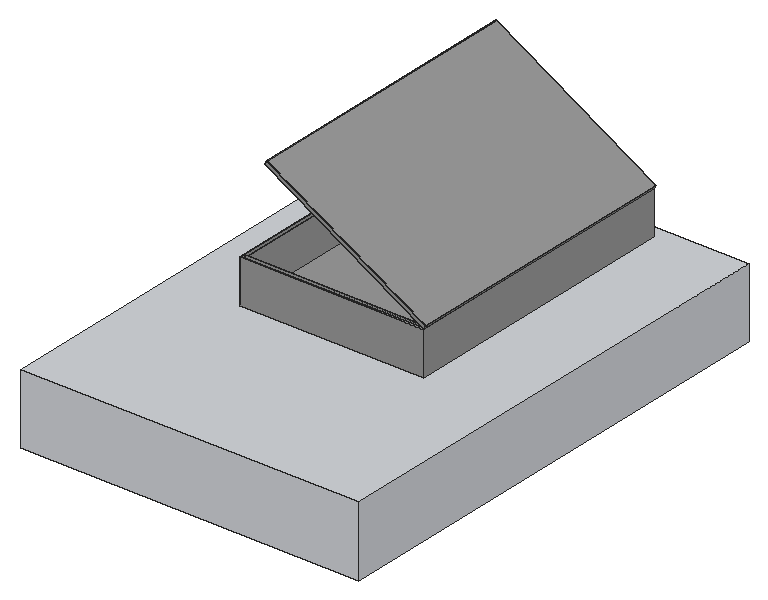
Revit family "Hager-Univers-IP44-D205-H1250-Cl.II-Encl-ES-es", category Equipement électrique, Revit 2020
Family settings
  Hôte = Face
  Configuration du panneau = Deux colonnes, circuits au sein
  Cote de connecteur circulaire = Utiliser le diamètre
  Type d'élément = Tableau de raccordement
  Couper avec des vides une fois chargée = Non
  Partagée = Non
  Point de calcul de pièce = Non
Parameters (values of type "Montado superficial (escayola) IP44 A800 A1250 P205  - FP83SN2")
  Width Control [instance] = if([EF000008 - Anchura] > Min Width, [EF000008 - Anchura], Min Width)  # 800 mm
  Commentaires du type = [HG000003 - Gama]  # "Univers"
  Thickness Door [instance] = if([EF009171 - Espesor puerta/tapa] > 3 mm, 3 mm, [EF009171 - Espesor puerta/tapa])  # 1 mm
  Seal Frame Offset [instance] = 17 mm  # constant formula
  Plinth Visibility [instance] = [HG000027 - Altura de zócalo] > 0 mm  # no
  Model = ""
  Min Width [instance] = 100 mm  # constant formula
  Min Height [instance] = 100 mm  # constant formula
  Min Depth [instance] = (2 * [EF009170 - Espesor del material de la caja]) + 1 mm  # 3 mm
  Internal Frame Depth [instance] = (Door System Depth * 0.5)  # 9 mm
  Height Control [instance] = if([EF000040 - Altura] > Min Height, [EF000040 - Altura], Min Height)  # 1250 mm
  HG000027 - Altura de zócalo = 0 mm
  HG000026 - Instalación en suelo = no
  HG000024 - Altura de la sección inferior = 800 mm
  HG000023 - Caja de doble sección = no
  HG000016 - Visibilidad de la puerta 3D [instance] = yes
  HG000015 - Visibilidad a través de la puerta [instance] = no
  HG000014 - Puerta a la derecha [instance] = yes
  HG000013 - Puerta a la izquierda [instance] = not([HG000014 - Puerta a la derecha])  # no
  HG000012 - Ángulo de giro de la puerta [instance] = 30.00°
  HG000010 - Puertas asimétricas = no
  HG000009 - Puerta batiente doble = no
  HG000006 - Empotrado = no
  HG000004 - Referencia del fabricante = "FP83SN2"
  HG000003 - Gama = "Univers"
  HG000002 - Con puerta o tapa = yes
  Frame Offset Bottom [instance] = 10 mm  # constant formula
  Frame Offset [instance] = 15 mm  # constant formula
  EF015940 - Tapa con alivio de sobrepresión = no
  EF011959 - Grado de protección (NEMA) = ""
  EF009554 - Número de aberturas para placas-brida = 6
  Fabricant = "Hager"  # constant formula
  EF009212 - Versión de la cubierta = "EV000116 - Cerrado"
  EF009171 - Espesor puerta/tapa = 1 mm
  EF009170 - Espesor del material de la caja = 1 mm
  EF008873 - Corriente nominal (In) = 250 A
  EF007800 - Adecuado para la protección contra rayos = no
  EF006306 - Con cierre = no
  EF006244 - Tapa/puerta transparente = no
  EF005474 - Grado de protección (IP) = "EV006418 - IP44"
  EF004464 - Tipo de puerta = "EV002646 - Único"
  EF004427 - Número de módulos = 288
  EF004293 - Resistencia al impacto (IK) = "EV006815 - IK09"
  EF003532 - Adecuado para uso en exteriores = no
  EF002950 - Anchura de unidades de división = 36
  EF001613 - Integridad del circuito = "EV000494 - Ninguno"
  EF001596 - Material de la carcasa = "EV000179 - Acero"
  EF001131 - Profundidad interna = 130 mm
  EF001088 - Posibilidad de extensión = yes
  EF000437 - Número de entradas de conductos de cables = 6
  EF000339 - Tipo de cubierta = "EV004216 - Puerta"
  EF000266 - Número de filas = 8
  EF000218 - Profundidad de instalación = 205 mm
  EF000118 - Con placa de montaje = no
  EF000116 - Número RAL = "9010"
  EF000049 - Profundidad = 205 mm
  EF000040 - Altura = 1250 mm
  EF000008 - Anchura = 800 mm
  EF000007 - Color = "EV000202 - Blanco"
  EF000003 - Tipo de montaje = "EV000384 - Montado superficial (escayola)"
  Door System Leaf Tolerance [instance] = 1.5 mm  # constant formula
  Door System Depth [instance] = 18 mm  # constant formula
  Door Height [instance] = Height Control - [HG000027 - Altura de zócalo]  # 1250 mm
  Depth Control [instance] = if([EF000049 - Profundidad] > Min Depth, [EF000049 - Profundidad], Min Depth)  # 205 mm
  Default Elevation = 0 mm
  Connector Offset [instance] = Height Control / 2  # 625 mm
  Bottom Top Plate Trim [instance] = 1.5 mm  # constant formula
  Plinth height Ctrl [instance] = if([HG000027 - Altura de zócalo] > 0 mm, [HG000027 - Altura de zócalo], 12 mm)  # 12 mm
Types (5, lengths in mm): name | Width Control | HG000010 - Puertas asimétricas | HG000009 - Puerta batiente doble | HG000004 - Referencia del fabricante | EF009554 - Número de aberturas para placas-brida | EF004464 - Tipo de puerta | EF004427 - Número de módulos | EF002950 - Anchura de unidades de división | EF001131 - Profundidad interna | EF000437 - Número de entradas de conductos de cables | EF000339 - Tipo de cubierta | EF000008 - Anchura
  Montado superficial (escayola) IP44 A1050 A1250 P205  - FP84SN2 | 1050 | no | yes | "FP84SN2" | 8 | "EV003602 - Doble" | 384 | 48 | 130 | 8 | "EV004216 - Puerta" | 1050
  Montado superficial (escayola) IP44 A1300 A1250 P205  - FP85SN2 | 1300 | yes | yes | "FP85SN2" | 10 | "EV003602 - Doble" | 480 | 60 | 130 | 10 | "EV004216 - Puerta" | 1300
  Montado superficial (escayola) IP44 A300 A1250 P205  - FP81SN2 | 300 | no | no | "FP81SN2" | 2 | "EV002646 - Único" | 96 | 12 | 143 | 2 | "EV001012 - Cubrir" | 300
  Montado superficial (escayola) IP44 A550 A1250 P205  - FP82SN2 | 550 | no | no | "FP82SN2" | 4 | "EV002646 - Único" | 192 | 24 | 143 | 4 | "EV001012 - Cubrir" | 550
  Montado superficial (escayola) IP44 A800 A1250 P205  - FP83SN2 | 800 | no | no | "FP83SN2" | 6 | "EV002646 - Único" | 288 | 36 | 130 | 6 | "EV004216 - Puerta" | 800
Reference planes
  plane 1 "Center (Front/Back)": y = 0
  plane 2: z = 0
  plane 3 "Center (Left/Right)": x = 0
  plane 4: z = 205
  plane 5: y = 1
  plane 6: y = 625
  plane 7: y = 0
  plane 8: y = 1250
  plane 9: z = 0
  plane 10: x = -385
  plane 11: x = 385
  plane 12: x = 384
  plane 13: x = -384
  plane 14: y = 1249
  plane 15: x = -383
  plane 16: x = -400
  plane 17: x = 383
  plane 18: x = 400
  plane 19: x = 399
  plane 20: x = -399
  plane 21: y = 11
  plane 22: y = 1250
  plane 23: y = 1234
  plane 24: z = 187
  plane 25: z = 1
  plane 26: z = 186
  plane 27: z = 204
Forms (mm)
  Extrusion 1, solid
    sketch origin (0, 0, 0) x (1, 0, 0) y (0, 1, 0)
      loop
        line (-702.964, 1305) -> (-702.964, -811.445) -> (766.763, -811.445) -> (766.763, 1305) -> (-702.964, 1305)
    from 0 to -304.8
  Extrusion 2, solid, material "Hager_Steel_RAL7035_Light_Grey", visible <- "Plinth Visibility", detail levels medium+fine
    sketch origin (0, 0, 0) x (1, 0, 0) y (0, 1, 0)
      loop
        line (-400, 0) -> (400, 0) -> (400, 12) -> (-400, 12) -> (-400, 0)
    from 0 to 187
  Extrusion 3, solid, material "Hager_Steel_RAL7035_Light_Grey", detail levels medium+fine
    sketch origin (0, 0, 0) x (1, 0, 0) y (0, 1, 0)
      loop
        line (-400, 0) -> (400, 0) -> (400, 1250) -> (-400, 1250) -> (-400, 0)
    from 0 to 187
  Extrusion 4, void
    sketch origin (0, 0, 0) x (1, 0, 0) y (0, 1, 0)
      loop
        line (-399, 1) -> (399, 1) -> (399, 1249) -> (-399, 1249) -> (-399, 1)
    from 1 to 186
  Extrusion 5, void
    sketch origin (-381.607, -4572, 187) x (0, -1, 0) y (-1, 0, 0)
      loop
        line (-4583, 2.393) -> (-5806, 2.393) -> (-5806, -765.607) -> (-4583, -765.607) -> (-4583, 2.393)
    from 0 to 1 <- "EF009170 - Espesor del material de la caja"
  Extrusion 6, solid, material "Hager_Steel_RAL7035_Light_Grey", detail levels fine
    sketch origin (0, 0, 187) x (1, 0, 0) y (0, 1, 0)
      loop
        line (-384, 1234) -> (-384, 11) -> (384, 11) -> (384, 1234) -> (-384, 1234)
      loop
        line (-385, 10) -> (385, 10) -> (385, 1235) -> (-385, 1235) -> (-385, 10)
    from 0 to 9 <- "Internal Frame Depth"
  Extrusion 7, solid, material "Hager_Steel_RAL7035_Light_Grey", detail levels coarse
    sketch origin (0, 0, 0) x (1, 0, 0) y (0, 1, 0)
      loop
        line (-400, 0) -> (400, 0) -> (400, 1250) -> (-400, 1250) -> (-400, 0)
    from 0 to 205
  Sweep 8, void
    path in 3D
      loop
        line (-400, 12, 0) -> (400, 12, 0) -> (400, 12, 187) -> (-400, 12, 187) -> (-400, 12, 0)
    profile origin (-400, 12, 93.5) x (-1, 0, 0) y (0, -1, 0)
      loop
        line (0, 0) -> (0, 1.5) -> (-1.5, 1.5)
        arc (-1.5, 1.5) -> (-1.061, 0.439) -> (0, 0) r 1.5
Cuts and joins
  Extrusion 4, Extrusion 5 cuts Extrusion 3
  Sweep 8 cuts Extrusion 2
Lines and regions (mm)
  Masking region 1
    outline origin (0, 0, 0) x (1, 0, 0) y (0, 0, 1)
      loop
        line (-400, 205) -> (-400, 0) -> (400, 0) -> (400, 205) -> (-400, 205)
  Masking region 2, detail levels medium+fine
    outline origin (0, 140, 0) x (0, 1, 0) y (0, 0, 1)
      loop
        line (-140, 0) -> (1110, 0) -> (1110, 187) -> (-140, 187) -> (-140, 0)
  Masking region 3, not visible, detail levels medium+fine
    outline origin (0, 297.922, 0) x (0, 1, 0) y (0, 0, 1)
      loop
        line (338.578, 0) -> (378.578, 0) -> (378.578, 194)
        arc (378.578, 194) -> (375.649, 201.071) -> (368.578, 204) r 10
        line (368.578, 204) -> (338.578, 204) -> (338.578, 0)
  Masking region 4, detail levels coarse
    outline origin (0, 0, 180) x (0, 1, 0) y (0, 0, 1)
      loop
        line (0, -180) -> (1250, -180) -> (1250, 25) -> (0, 25) -> (0, -180)
  Masking region 5, visible <- "Plinth Visibility", detail levels medium+fine
    outline origin (0, 52.24, 12.345) x (0, 0, -1) y (0, 1, 0)
      loop
        line (10.845, -40.24) -> (-173.155, -40.24)
        arc (-173.155, -40.24) -> (-173.594, -41.301) -> (-174.655, -41.74) r 1.5
        line (-174.655, -41.74) -> (-174.655, -52.24) -> (12.345, -52.24) -> (12.345, -41.74)
        arc (12.345, -41.74) -> (11.285, -41.301) -> (10.845, -40.24) r 1.5
  Masking region 6, detail levels medium+fine
    outline origin (-381.607, -4572, 187) x (-1, 0, 0) y (0, -1, 0)
      loop
        line (18.393, -5822) -> (18.393, -4572) -> (-781.607, -4572) -> (-781.607, -5822) -> (18.393, -5822)
  Masking region 7, visible <- "Plinth Visibility", detail levels medium+fine
    outline origin (-381.607, -4727, 187) x (-1, 0, 0) y (0, -1, 0)
      loop
        arc (16.893, -4739) -> (17.332, -4737.939) -> (18.393, -4737.5) r 1.5
        line (18.393, -4737.5) -> (18.393, -4727) -> (-781.607, -4727) -> (-781.607, -4737.5)
        arc (-781.607, -4737.5) -> (-780.546, -4737.939) -> (-780.107, -4739) r 1.5
        line (-780.107, -4739) -> (16.893, -4739)
  Masking region 8, detail levels coarse
    outline origin (-442.548, -4669.526, 187) x (-1, 0, 0) y (0, -1, 0)
      loop
        line (-42.548, -5919.526) -> (-42.548, -4669.526) -> (-842.548, -4669.526) -> (-842.548, -5919.526) -> (-42.548, -5919.526)
  sketch lines
    curve 1: line (-400, 12, 187) -> (-400, 12, 0)
    curve 2: line (400, 12, 187) -> (-400, 12, 187)
    curve 3: line (400, 12, 187) -> (400, 12, 0)
    curve 4: line (-400, 12, 0) -> (400, 12, 0)
Dimensions and locks
  "Depth Control": plane 4 to Extrusion 1
  "HG000027 - Altura de zócalo": plane 1 "Center (Front/Back)" to plane 7
  "EF009170 - Espesor del material de la caja": plane 5 to plane 7
  locked: connector elem to plane 3 "Center (Left/Right)"
  equal spacing: plane 8, plane 6, plane 7
  locked: connector elem to plane 6
  "EF009170 - Espesor del material de la caja": plane 8 to plane 14
  "EF009170 - Espesor del material de la caja": plane 10 to plane 13
  "EF009170 - Espesor del material de la caja": plane 12 to plane 11
  "Frame Offset": plane 20 to plane 13
  "Frame Offset": plane 12 to plane 19
  "EF009170 - Espesor del material de la caja": plane 16 to plane 20
  "EF009170 - Espesor del material de la caja": plane 19 to plane 18
  "Seal Frame Offset": plane 16 to plane 15
  "Seal Frame Offset": plane 17 to plane 18
  "Frame Offset Bottom": plane 21 to plane 5
  "Frame Offset": plane 14 to plane 23
  equal spacing: plane 16, plane 3 "Center (Left/Right)", plane 18
  "Width Control": plane 16 to plane 18
  "EF009170 - Espesor del material de la caja": plane 4 to plane 27
  "EF009170 - Espesor del material de la caja": plane 24 to plane 26
  "EF009170 - Espesor del material de la caja": plane 25 to level
  "Door System Depth": plane 4 to plane 24
  "Height Control": plane 1 "Center (Front/Back)" to Extrusion 7 sketch curve
  "Height Control": Masking region 4 sketch curve to plane 1 "Center (Front/Back)"
  "Height Control": plane 1 "Center (Front/Back)" to plane 22
  "Bottom Top Plate Trim": profile plane to Sweep 8 sketch curve
  "Bottom Top Plate Trim": Sweep 8 sketch curve to profile plane
  "Plinth height Ctrl": plane 1 "Center (Front/Back)" to Extrusion 2 sketch curve
  "Plinth height Ctrl": Masking region 5 sketch curve to plane 1 "Center (Front/Back)"
  "Plinth height Ctrl": plane 1 "Center (Front/Back)" to Masking region 7 sketch curve
  "Thickness Door": Extrusion 6 sketch curve to Extrusion 6 sketch curve  (x3)
  "Thickness Door": cut or joined group of Extrusion 3, Extrusion 4, Extrusion 5 to Extrusion 6 sketch curve
  radius of Masking region 3 sketch curve = 10 mm
  "Bottom Top Plate Trim": radius of Masking region 5 sketch curve  (x2)
  "Bottom Top Plate Trim": radius of Sweep 8 sketch curve
  "Bottom Top Plate Trim": radius of Masking region 7 sketch curve  (x2)
  aligned and locked: plane 2 to Extrusion 1
  aligned and locked: level to Extrusion 1
  aligned and locked: level to Masking region 1 sketch curve
  aligned and locked: Masking region 1 sketch curve to plane 18
  aligned and locked: Masking region 1 sketch curve to plane 16
  aligned and locked: plane 7 to Masking region 2 sketch curve
  aligned and locked: level to Masking region 3 sketch curve
  aligned and locked: Masking region 3 sketch curve to plane 27
  aligned and locked: level to Masking region 2 sketch curve
  aligned and locked: plane 1 "Center (Front/Back)" to Extrusion 2 sketch curve
  aligned and locked: Extrusion 3 sketch curve to plane 7
  aligned and locked: plane 16 to Extrusion 3 sketch curve
  aligned and locked: plane 18 to Extrusion 3 sketch curve
  aligned and locked: plane 20 to Extrusion 4 sketch curve
  aligned and locked: plane 19 to Extrusion 4 sketch curve
  aligned and locked: Extrusion 4 sketch curve to plane 5
  aligned and locked: Extrusion 4 to plane 25
  aligned and locked: plane 26 to Extrusion 4
  aligned and locked: plane 24 to Extrusion 3
  aligned and locked: Extrusion 5 sketch curve to plane 21
  aligned and locked: Extrusion 5 sketch curve to plane 13
  aligned and locked: Extrusion 5 sketch curve to plane 12
  aligned and locked: plane 18 to Extrusion 7 sketch curve
  aligned and locked: plane 1 "Center (Front/Back)" to Extrusion 7 sketch curve
  aligned and locked: plane 16 to Extrusion 7 sketch curve
  aligned and locked: plane 4 to Extrusion 7
  aligned and locked: Extrusion 7 to level
  aligned and locked: level to Masking region 4 sketch curve
  aligned and locked: Masking region 4 sketch curve to plane 1 "Center (Front/Back)"
  aligned and locked: Masking region 4 sketch curve to plane 4
  aligned and locked: nested 1 to level
  aligned and locked: nested 1 to plane 16
  aligned and locked: plane 8 to Extrusion 3 sketch curve
  aligned and locked: plane 23 to Extrusion 5 sketch curve
  aligned and locked: plane 14 to Extrusion 4 sketch curve
  aligned and locked: Masking region 2 sketch curve to plane 8
  aligned and locked: level to Masking region 5 sketch curve
  aligned and locked: plane 16 to Extrusion 2 sketch curve
  aligned and locked: plane 18 to Extrusion 2 sketch curve
  aligned and locked: Masking region 5 sketch curve to plane 24
  aligned and locked: Masking region 2 sketch curve to plane 24
  aligned and locked: plane 24 to Extrusion 2
  aligned and locked: profile plane to Sweep 8 sketch curve  (x2)
  aligned and locked: Masking region 6 sketch curve to plane 18
  aligned and locked: Masking region 6 sketch curve to plane 22
  aligned and locked: Masking region 6 sketch curve to plane 16
  aligned and locked: plane 8 to plane 22
  aligned and locked: Masking region 6 sketch curve to plane 7
  aligned and locked: Masking region 7 sketch curve to plane 16
  aligned and locked: Masking region 7 sketch curve to plane 1 "Center (Front/Back)"
  aligned and locked: Masking region 7 sketch curve to plane 18
  aligned and locked: Masking region 8 sketch curve to plane 1 "Center (Front/Back)"
  aligned and locked: Masking region 8 sketch curve to plane 18
  aligned and locked: Masking region 8 sketch curve to plane 22
  aligned and locked: Masking region 8 sketch curve to plane 16
  aligned and locked: nested 2 to plane 7
  aligned and locked: plane 3 "Center (Left/Right)" to nested 2
  aligned and locked: nested 2 to plane 24
  aligned and locked: Extrusion 6 sketch curve to cut or joined group of Extrusion 3, Extrusion 4, Extrusion 5  (x4)
Automatic sketch dimensions
  Extrusion 1 sketch curve to Extrusion 1 sketch curve = 1469.727 mm
  Extrusion 1 sketch curve to Extrusion 1 sketch curve = 2116.445 mm
  Masking region 1 sketch curve to plane 4 = 0 mm
  plane 6 to Masking region 3 sketch curve = 11.5 mm
  Masking region 3 sketch curve to Masking region 3 sketch curve = 30 mm
  Masking region 5 sketch curve to plane 1 "Center (Front/Back)" = 0 mm
Nested families
  nested 1: "Hager_Enclosure_Symbol" at (-400, 0, 0) x (1, 0, 0) z (0, -1, 0), Height <- "Depth Control", Width <- "Width Control", type "Hager_Enclosure_Symbol"
    with Width_Ctrl 800 mm, Width 800 mm, Height_Ctrl 205 mm, Height 205 mm, A_Width_Int 13.453 mm, A_Width 161.438 mm, A_Height_Ctrl 179.375 mm, A_Height 179.375 mm
  nested 2: "EC000058_Univers_Door" at (0, 0, 187) x (1, 0, 0) z (0, 1, 0), Leaf_Tolerance <- "Door System Leaf Tolerance", Angle <- "HG000012 - Ángulo de giro de la puerta", Door_Depth <- "Door System Depth", Door_Left <- "HG000013 - Puerta a la izquierda", Transparent <- "EF006244 - Tapa/puerta transparente", Assymetrical <- "HG000010 - Puertas asimétricas", Width <- "Width Control", Clearance <- "HG000015 - Visibilidad a través de la puerta", Double <- "HG000009 - Puerta batiente doble", 3d_Door <- "HG000016 - Visibilidad de la puerta 3D", Lock_Visibility <- "EF006306 - Con cierre", Width_Ctrl <- "Width Control", Door_Right <- "HG000014 - Puerta a la derecha", Door <- "HG000002 - Con puerta o tapa", Height <- "Door Height", Thickness <- "Thickness Door", type "EC000058_Univers_Door", detail levels medium+fine
    with min_wh 3 mm, Width_Ctrl 800 mm, Width 800 mm, Transparent no, Thickness 1 mm, Seal_Material Hager_Rubber, Lock_Visibility no, Lock_Material Hager_Plastic_RAL9005_Jet_Black, Leaf_Width 800 mm, Leaf_Tolerance_External_Sides 0 mm, Leaf_Tolerance 1.5 mm, Leaf_Offset 0 mm, Leaf_Height 1247 mm, Leaf_2_Width 800 mm, Leaf_2_Offset 400 mm, Leaf_1_Width 800 mm, Leaf_1_Offset 400 mm, Height_Ctrl 1250 mm, Height 1250 mm, Glass_Material Hager_Glass, Double_Clearance_Ctrl no, Double no, Door_Right_Ctrl yes, Door_Right yes, Door_Material Hager_Steel_RAL7035_Light_Grey, Door_Left_Ctrl no, Door_Left no, Door_Depth 18 mm, Door yes, Clearance_Material Hager_Clearance, Clearance_Depth 800 mm, Clearance_Ctrl no, Clearance no, Assymetrical no, Angle 30.00°, 3d_Door yes
Connectors
  electrical at (0, 625, 0)
    settings: on plane 9, index 1, voltage 0 V, apparent load 0 VA, apparent load phase1 0 VA, apparent load phase2 0 VA, apparent load phase3 0 VA, power factor 1, load classification "Other", number of poles 1, system type 30, power factor state 1, is connector primary yes, connector utility no, sub classification motor no, connector description ""
Definition of nested family "EC000058_Univers_Door"
  Parameters (values of type "EC000058_Univers_Door")
    min_wh [instance] = (2 * Thickness) + 1 mm  # 11 mm
    Width_Ctrl [instance] = 400 mm
    Width [instance] = 500 mm
    Transparent [instance] = yes
    Thickness [instance] = 5 mm
    Seal_Material [instance] = none
    Lock_Visibility [instance] = yes
    Lock_Material [instance] = none
    Leaf_Width [instance] = if((Width_Ctrl - 2 * Leaf_Tolerance_External_Sides) > 0 mm, (Width_Ctrl - 2 * Leaf_Tolerance_External_Sides), min_wh)  # 400 mm
    Leaf_Tolerance_External_Sides [instance] = 0 mm  # constant formula
    Leaf_Tolerance [instance] = 1.5 mm
    Leaf_Offset [instance] = 0 mm  # constant formula
    Leaf_Height [instance] = if((Height_Ctrl - 2 * Leaf_Tolerance) > 0 mm, (Height_Ctrl - 2 * Leaf_Tolerance), min_wh)  # 497 mm
    Leaf_2_Width [instance] = if(and(and(Double, Assymetrical), Door_Left), (Leaf_Width / 3) - (Leaf_Tolerance / 2), if(and(and(Double, Assymetrical), Door_Right), (Leaf_Width / 3) * 2 - (Leaf_Tolerance / 2), if(and(Double, not(Assymetrical)), (Leaf_Width / 2) - Leaf_Tolerance, Leaf_Width)))  # 400 mm
    Leaf_2_Offset [instance] = if(and(Double, Assymetrical), Leaf_2_Width / 2, if(and(Double, not(Assymetrical)), Leaf_Width / 4, Leaf_Width / 2))  # 200 mm
    Leaf_1_Width [instance] = if(and(and(Double, Assymetrical), Door_Right), (Leaf_Width / 3) - (Leaf_Tolerance / 2), if(and(and(Double, Assymetrical), Door_Left), (Width / 3) * 2 - (Leaf_Tolerance / 2), if(and(Double, not(Assymetrical)), (Leaf_Width / 2) - Leaf_Tolerance, Leaf_Width)))  # 400 mm
    Leaf_1_Offset [instance] = if(and(Double, Assymetrical), Leaf_1_Width / 2, if(and(Double, not(Assymetrical)), Leaf_Width / 4, Leaf_Width / 2))  # 200 mm
    Height_Ctrl [instance] = if(Height > min_wh, Height, min_wh)  # 500 mm
    Height [instance] = 500 mm
    Glass_Material [instance] = none
    Double_Clearance_Ctrl [instance] = and(Double, Clearance)  # no
    Double [instance] = no
    Door_Right_Ctrl [instance] = and(or(Door_Right, Double), Door)  # yes
    Door_Right [instance] = yes
    Door_Material [instance] = none
    Door_Left_Ctrl [instance] = and(or(Door_Left, Double), Door)  # no
    Door_Left [instance] = no
    Door_Depth [instance] = 30 mm
    Door [instance] = yes
    Default Elevation = 1219.2 mm
    Clearance_Material [instance] = none
    Clearance_Depth [instance] = if(Leaf_1_Width > Leaf_2_Width, Leaf_1_Width, Leaf_2_Width)  # 400 mm
    Clearance_Ctrl [instance] = and(not(Double), Clearance)  # yes
    Clearance [instance] = yes
    Assymetrical [instance] = yes
    Angle [instance] = 30.00°
    3d_Door [instance] = yes
  Reference planes
    plane 1 "Center (Front/Back)": y = 0
    plane 2 "Bottom": z = 0
    plane 3 "Center (Left/Right)": x = 0
    plane 4: z = 500
    plane 5: x = -200
    plane 6: x = 200
    plane 7: z = 500
    plane 8: x = -200
    plane 9: z = 0
    plane 10: x = 200
    plane 11: y = 0
    plane 12: z = 1.5
    plane 13: x = -600
    plane 14: y = -400
    plane 15: x = 600
    plane 16: x = 0
    plane 17: x = 0
    plane 18: x = -200
    plane 19: x = 200
    plane 20: z = 498.5
  Forms (mm)
    Extrusion 1, solid, material <- "Clearance_Material", visible <- "Double_Clearance_Ctrl"
      sketch origin (1200, 0, 0) x (1, 0, 0) y (0, 0, -1)
        loop
          line (-1800, -498.5) -> (-600, -498.5) -> (-600, 0) -> (-1800, 0) -> (-1800, -498.5)
      from 0 to -400
  Dimensions and locks
    equal spacing: plane 5, plane 3 "Center (Left/Right)", plane 6
    "Width_Ctrl": plane 5 to plane 6
    "Leaf_Offset": plane 5 to plane 8
    "Leaf_Offset": plane 6 to plane 10
    "Leaf_Offset": plane 9 to level
    "Leaf_Offset": plane 4 to plane 7
    "Height_Ctrl": plane 4 to level
    "Leaf_Tolerance": plane 12 to plane 9
    locked: plane 11 to plane 1 "Center (Front/Back)"
    "Leaf_1_Offset": plane 18 to plane 16
    "Leaf_2_Offset": plane 17 to plane 19
    "Leaf_1_Width": plane 13 to plane 8
    "Leaf_2_Width": plane 10 to plane 15
    "Clearance_Depth": plane 14 to plane 1 "Center (Front/Back)"
    "Leaf_Tolerance_External_Sides": plane 8 to plane 18
    "Leaf_Tolerance_External_Sides": plane 19 to plane 10
    "Leaf_Tolerance": plane 7 to plane 20
    aligned and locked: level to plane 2 "Bottom"
    aligned and locked: nested 1 to plane 16
    aligned and locked: nested 2 to plane 17
    aligned and locked: Extrusion 1 to plane 13
    aligned and locked: plane 15 to Extrusion 1
    aligned and locked: Extrusion 1 to plane 14
    aligned and locked: plane 12 to nested 1
    aligned and locked: nested 2 to plane 12
    aligned and locked: Extrusion 1 to plane 11
    aligned and locked: plane 20 to Extrusion 1
    aligned and locked: nested 2 to plane 11
    aligned and locked: nested 1 to plane 11
  Automatic sketch dimensions
    Extrusion 1 sketch curve to level = 0 mm
    plane 5 to Extrusion 1 sketch curve = 400 mm
    plane 6 to Extrusion 1 sketch curve = 400 mm
    Extrusion 1 sketch curve to plane 4 = 1.5 mm
  Nested families
    nested 1: "EC000058_Univers_Door_Leaf" at (0, 0, 1.5), Width <- "Leaf_1_Width", visible <- "Door_Left_Ctrl", Leaf_Height <- "Leaf_Height", Angle <- "Angle", 3d_Door <- "3d_Door", Transparent <- "Transparent", Clearance Material <- "Clearance_Material", Clearance <- "Clearance_Ctrl", Door_Material <- "Door_Material", Glass_Material <- "Glass_Material", Door_Depth <- "Door_Depth", Lock_Material <- "Lock_Material", Seal_Material <- "Seal_Material", Lock_Visibility <- "Lock_Visibility", Thickness <- "Thickness", type "EC000058_Univers_Door_Leaf"
      with Width 400 mm, Transparent_Glass_Offset 30 mm, Transparent_Ctrl yes, Transparent yes, Thickness 5 mm, Standard no, Seal_Material none, Seal_D2 8 mm, Seal_D1 1 mm, Offset_Internal_Frame 10 mm, Lock_Width 20 mm, Lock_Visibility_3d yes, Lock_Visibility yes, Lock_Thickness_3 3 mm, Lock_Thickness_2 1 mm, Lock_Thickness_1 3 mm, Lock_Radius_Offset_2 16 mm, Lock_Radius_Offset_1 15 mm, Lock_Radius_2 5 mm, Lock_Radius 6 mm, Lock_Offset 5 mm, Lock_Material none, Lock_Height 80 mm, Lock_Cover_Top_Offset_2d 17 mm, Lock_Cover_Height -65 mm, Leaf_Height 497 mm, Internal_Seal_Thickness 8 mm, Internal_Seal_Depth_2 4.5 mm, Internal_Frame_Depth 25 mm, Glass_Thickness -1 mm, Glass_Offset -2 mm, Glass_Material none, Door_Material none, Door_Depth 30 mm, Clearance Material none, Clearance yes, Angle_Ctrl 30.00°, Angle 30.00°, 3d_Door yes
    nested 2: "EC000058_Univers_Door_Leaf" at (0, 0, 1.5) x (-1, 0, 0) z (0, 0, 1), Width <- "Leaf_2_Width", visible <- "Door_Right_Ctrl", Leaf_Height <- "Leaf_Height", Angle <- "Angle", 3d_Door <- "3d_Door", Transparent <- "Transparent", Clearance Material <- "Clearance_Material", Clearance <- "Clearance_Ctrl", Door_Material <- "Door_Material", Glass_Material <- "Glass_Material", Door_Depth <- "Door_Depth", Lock_Material <- "Lock_Material", Seal_Material <- "Seal_Material", Lock_Visibility <- "Lock_Visibility", Thickness <- "Thickness", type "EC000058_Univers_Door_Leaf"
      with Width 400 mm, Transparent_Glass_Offset 30 mm, Transparent_Ctrl yes, Transparent yes, Thickness 5 mm, Standard no, Seal_Material none, Seal_D2 8 mm, Seal_D1 1 mm, Offset_Internal_Frame 10 mm, Lock_Width 20 mm, Lock_Visibility_3d yes, Lock_Visibility yes, Lock_Thickness_3 3 mm, Lock_Thickness_2 1 mm, Lock_Thickness_1 3 mm, Lock_Radius_Offset_2 16 mm, Lock_Radius_Offset_1 15 mm, Lock_Radius_2 5 mm, Lock_Radius 6 mm, Lock_Offset 5 mm, Lock_Material none, Lock_Height 80 mm, Lock_Cover_Top_Offset_2d 17 mm, Lock_Cover_Height -65 mm, Leaf_Height 497 mm, Internal_Seal_Thickness 8 mm, Internal_Seal_Depth_2 4.5 mm, Internal_Frame_Depth 25 mm, Glass_Thickness -1 mm, Glass_Offset -2 mm, Glass_Material none, Door_Material none, Door_Depth 30 mm, Clearance Material none, Clearance yes, Angle_Ctrl 30.00°, Angle 30.00°, 3d_Door yes
  Definition of nested family "EC000058_Univers_Door_Leaf"
    Parameters (values of type "EC000058_Univers_Door_Leaf")
      Width [instance] = 2000 mm
      Transparent_Glass_Offset [instance] = 30 mm
      Transparent_Ctrl [instance] = and(Transparent, [3d_Door])  # yes
      Transparent [instance] = yes
      Thickness [instance] = 5 mm
      Standard [instance] = and(not(Transparent), [3d_Door])  # no
      Seal_Material [instance] = none
      Seal_D2 [instance] = 8 mm  # constant formula
      Seal_D1 [instance] = 1 mm  # constant formula
      Offset_Internal_Frame [instance] = 10 mm  # constant formula
      Lock_Width [instance] = 20 mm  # constant formula
      Lock_Visibility_3d [instance] = and(Lock_Visibility, [3d_Door])  # yes
      Lock_Visibility [instance] = yes
      Lock_Thickness_3 [instance] = 3 mm  # constant formula
      Lock_Thickness_2 [instance] = 1 mm  # constant formula
      Lock_Thickness_1 [instance] = 3 mm  # constant formula
      Lock_Radius_Offset_2 [instance] = Lock_Radius_Offset_1 + 1 mm  # 16 mm
      Lock_Radius_Offset_1 [instance] = 15 mm  # constant formula
      Lock_Radius_2 [instance] = Lock_Radius - 1 mm  # 5 mm
      Lock_Radius [instance] = 6 mm  # constant formula
      Lock_Offset [instance] = 5 mm  # constant formula
      Lock_Material [instance] = none
      Lock_Height [instance] = 80 mm  # constant formula
      Lock_Cover_Top_Offset_2d [instance] = Lock_Radius_Offset_2 + 1 mm  # 17 mm
      Lock_Cover_Height [instance] = -(Lock_Height - Lock_Radius_Offset_1)  # -65 mm
      Leaf_Height [instance] = 2720.336 mm
      Internal_Seal_Thickness [instance] = 8 mm  # constant formula
      Internal_Seal_Depth_2 [instance] = 4.5 mm  # constant formula
      Internal_Frame_Depth [instance] = if(Door_Depth - Thickness > 5 mm, Door_Depth - Thickness, 5 mm)  # 25 mm
      Glass_Thickness [instance] = if(Thickness > 15 mm, Glass_Offset + 10 mm, -1 mm)  # -1 mm
      Glass_Offset [instance] = if(Thickness > 15 mm, -(Thickness + 10 mm) / 2, -2 mm)  # -2 mm
      Glass_Material [instance] = none
      Door_Material [instance] = none
      Door_Depth [instance] = 30 mm
      Default Elevation = 0 mm
      Clearance Material [instance] = none
      Clearance [instance] = yes
      Angle_Ctrl [instance] = if(Angle > 180.00°, 180.00°, Angle)  # 90.00°
      Angle [instance] = 90.00°
      3d_Door [instance] = yes
    Reference planes
      plane 1 "Center (Front/Back)": y = 0
      plane 2: z = 0
      plane 3 "Center (Left/Right)": x = 0
      plane 4: y = 2000
      plane 5: x = -1000
      plane 6: x = 1000
      plane 7: x = -3000
      plane 8: z = 2720.336
      plane 9: z = 30
      plane 10: z = 2690.336
      plane 11: x = 970
      plane 12: x = -970
      plane 13: y = -3
      plane 14: z = 107.833
      plane 15: y = -5
      plane 16: y = -223.314
      plane 17: x = -1000
      plane 18: z = 1360.168
      plane 19: y = 30
    Forms (mm)
      Extrusion 1, solid, material <- "Clearance Material", visible <- "Clearance"
        sketch origin (0, 0, 0) x (1, 0, 0) y (0, 0, 1)
          loop
            line (-3000, 2720.336) -> (-3000, 0) -> (1000, 0) -> (1000, 2720.336) -> (-3000, 2720.336)
        from 0 to -2000
      Extrusion 2, solid, material <- "Door_Material", visible <- "Standard", detail levels medium+fine
        sketch origin (-1000, 0, 0) x (0, 1, 0) y (-1, 0, 0)
          loop
            line (0, 30) -> (0, 25) -> (2000, 25) -> (2000, 30) -> (0, 30)
        from 0 to 2720.336 <- "Leaf_Height"
      Extrusion 3, solid, material <- "Door_Material", visible <- "Transparent_Ctrl", detail levels medium+fine
        sketch origin (-1000, 0, 0) x (0, 1, 0) y (-1, 0, 0)
          loop
            line (0, 25) -> (2000, 25) -> (2000, 30) -> (0, 30) -> (0, 25)
        from 0 to 2720.336 <- "Leaf_Height"
      Extrusion 4, void
        sketch origin (-1025, 2000, 0) x (0, 1, 0) y (0, 0, -1)
          loop
            line (-30, -2690.336) -> (-30, -30) -> (-1970, -30) -> (-1970, -2690.336) -> (-30, -2690.336)
        from 0 to 5 <- "Thickness"
      Sweep 5, solid, material <- "Seal_Material", visible <- "Transparent_Ctrl", detail levels fine
        path in 3D
          loop
            line (-1025, 30, 30) -> (-1025, 30, 2690.336) -> (-1025, 1970, 2690.336) -> (-1025, 1970, 30) -> (-1025, 30, 30)
        profile origin (-1025, 1000, 30) x (1, 0, 0) y (0, 0, 1)
          loop
            line (0, 0) -> (0, -8) -> (1, -8) -> (1, 0) -> (0, 0)
      Extrusion 6, solid, material <- "Glass_Material", visible <- "Transparent_Ctrl", detail levels medium+fine
        sketch origin (-1030, 0, 0) x (0, 1, 0) y (0, 0, -1)
          loop
            line (1970, -2690.336) -> (1970, -30) -> (30, -30) -> (30, -2690.336) -> (1970, -2690.336)
        from -2 <- "Glass_Offset" to -1 <- "Glass_Thickness"
      Extrusion 7, solid, material <- "Door_Material", visible <- "3d_Door", detail levels medium+fine
        sketch origin (-1025, 2000, 0) x (0, -1, 0) y (0, 0, -1)
          loop
            line (0, -2720.336) -> (2000, -2720.336) -> (2000, 0) -> (0, 0) -> (0, -2720.336)
          loop
            line (1995, -5) -> (5, -5) -> (5, -2715.336) -> (1995, -2715.336) -> (1995, -5)
        from 0 to 25 <- "Internal_Frame_Depth"
      Sweep 8, solid, material <- "Seal_Material", visible <- "Transparent_Ctrl", detail levels fine
        path in 3D
          loop
            line (-1025, 0, 0) -> (-1025, 2000, 0) -> (-1025, 2000, 2720.336) -> (-1025, 0, 2720.336) -> (-1025, 0, 0)
        profile origin (-1025, 0, 1360.168) x (1, 0, 0) y (0, 1, 0)
          loop
            line (0, 10) -> (2.975, 10)
            arc (2.975, 10) -> (4.053, 10.447) -> (4.5, 11.525) r 1.525
            line (4.5, 11.525) -> (4.5, 16.527)
            arc (4.5, 16.527) -> (4.069, 17.569) -> (3.027, 18) r 1.473
            line (3.027, 18) -> (0, 18) -> (0, 10)
      Extrusion 9, solid, material <- "Lock_Material", visible <- "Lock_Visibility_3d", detail levels fine
        sketch origin (-1030, 0, 0) x (0, 1, 0) y (0, 0, -1)
          loop
            arc (1993.5, -1400.168) -> (1994.561, -1399.729) -> (1995, -1398.668) r 1.5
            line (1995, -1398.668) -> (1995, -1320.168) -> (1975, -1320.168) -> (1975, -1398.668)
            arc (1975, -1398.668) -> (1975.439, -1399.729) -> (1976.5, -1400.168) r 1.5
            line (1976.5, -1400.168) -> (1993.5, -1400.168)
        from 3 <- "Lock_Thickness_1" to 0
      Blend 10, solid, material <- "Lock_Material", visible <- "Lock_Visibility_3d", detail levels fine
        base sketch origin (-1033, 0, 0) x (0, 1, 0) y (0, 0, -1)
          loop
            line (1975, -1320.168) -> (1975, -1398.668)
            arc (1975, -1398.668) -> (1975.439, -1399.729) -> (1976.5, -1400.168) r 1.5
            line (1976.5, -1400.168) -> (1993.5, -1400.168)
            arc (1993.5, -1400.168) -> (1994.561, -1399.729) -> (1995, -1398.668) r 1.5
            line (1995, -1398.668) -> (1995, -1320.168) -> (1975, -1320.168)
        top sketch origin (-1033, 0, 0) x (0, 1, 0) y (0, 0, -1)
          loop
            line (1976, -1320.168) -> (1976, -1398.668)
            arc (1976, -1398.668) -> (1976.146, -1399.022) -> (1976.5, -1399.168) r 0.5
            line (1976.5, -1399.168) -> (1993.5, -1399.168)
            arc (1993.5, -1399.168) -> (1993.854, -1399.022) -> (1994, -1398.668) r 0.5
            line (1994, -1398.668) -> (1994, -1320.168) -> (1976, -1320.168)
        from 0 to 1 <- "Lock_Thickness_2"
      Blend 11, solid, material <- "Lock_Material", visible <- "Lock_Visibility_3d", detail levels fine
        base sketch origin (-1034, 0, 0) x (0, 1, 0) y (0, 0, -1)
          loop
            line (1978, -1320.168) -> (1978, -1384.168)
            arc (1978, -1384.168) -> (1985, -1391.168) -> (1992, -1384.168) r 7
            line (1992, -1384.168) -> (1992, -1320.168) -> (1978, -1320.168)
        top sketch origin (-1034, 0, 0) x (0, 1, 0) y (0, 0, -1)
          loop
            line (1991, -1320.168) -> (1979, -1320.168) -> (1979, -1383.168)
            arc (1979, -1383.168) -> (1985, -1389.168) -> (1991, -1383.168) r 6
            line (1991, -1383.168) -> (1991, -1320.168)
        from 0 to 3 <- "Lock_Thickness_3"
      Extrusion 12, solid, material <- "Lock_Material", visible <- "Lock_Visibility_3d", detail levels fine
        sketch origin (-1030, 1975, 1320.168) x (1, 0, 0) y (0, -1, 0)
          loop
            line (-7, -19) -> (-7, -1) -> (0, -1) -> (0, 0) -> (-8, 0) -> (-8, -20) -> (0, -20) -> (0, -19) -> (-7, -19)
        from 0 to -65 <- "Lock_Cover_Height"
      Extrusion 13, void
        sketch origin (-1038, 1995, 1320.168) x (-1, 0, 0) y (0, 0, -1)
          loop
            line (-5, -65) -> (0, -65) -> (-5, -60) -> (-5, -65)
        from 0 to 20 <- "Lock_Width"
      Extrusion 14, void
        sketch origin (-1038, 1975, 1320.168) x (0, -1, 0) y (0, 0, -1)
          loop
            circle (-10, -15.995) r 6
          loop
            circle (-10, -15.995) r 5
        from 0 to 2
      Extrusion 15, solid, material <- "Lock_Material", visible <- "Lock_Visibility_3d", detail levels medium
        sketch origin (-1030, 0, 0) x (0, 1, 0) y (0, 0, -1)
          loop
            arc (1993.5, -1400.168) -> (1994.561, -1399.729) -> (1995, -1398.668) r 1.5
            line (1995, -1398.668) -> (1995, -1320.168) -> (1975, -1320.168) -> (1975, -1398.668)
            arc (1975, -1398.668) -> (1975.439, -1399.729) -> (1976.5, -1400.168) r 1.5
            line (1976.5, -1400.168) -> (1993.5, -1400.168)
        from 8 to 0
    Cuts and joins
      Extrusion 4 cuts Extrusion 3
      Extrusion 13, Extrusion 14 cuts Extrusion 9
      Extrusion 14 cuts Blend 11
      Extrusion 13, Extrusion 14 cuts Extrusion 12
      joined: Extrusion 9, Blend 10, Blend 11, Extrusion 12
      Extrusion 14 cuts Extrusion 15
    Lines and regions (mm)
      Masking region 1, visible <- "Lock_Visibility", detail levels fine
        outline origin (0, 0, 0) x (0, 1, 0) y (0, 0, 1)
          loop
            line (30, 1320.168) -> (33, 1320.168) -> (33, 1400.168) -> (30, 1400.168) -> (30, 1320.168)
      Masking region 2, visible <- "Lock_Visibility", detail levels fine
        outline origin (0, 3.143, 0) x (0, 1, 0) y (0, 0, 1)
          loop
            line (29.857, 1354.168) -> (30.857, 1354.168) -> (30.857, 1366.168) -> (29.857, 1366.168) -> (29.857, 1354.168)
      Masking region 3, detail levels medium+fine
        outline origin (0, 0, 0) x (0, 1, 0) y (0, 0, 1)
          loop
            line (0, 0) -> (30, 0) -> (30, 2720.336) -> (0, 2720.336) -> (0, 0)
      Masking region 4, detail levels medium+fine
        outline origin (0, 0, 0) x (1, 0, 0) y (0, 0, 1)
          loop
            line (-1000, 2720.336) -> (-1000, 0) -> (1000, 0) -> (1000, 2720.336) -> (-1000, 2720.336)
      Masking region 5, visible <- "Lock_Visibility", detail levels fine
        outline origin (-47.116, 0, 0) x (1, 0, 0) y (0, 0, 1)
          loop
            arc (1024.616, 1399.168) -> (1023.556, 1398.729) -> (1023.116, 1397.668) r 1.5
            line (1023.116, 1397.668) -> (1023.116, 1320.168) -> (1041.116, 1320.168) -> (1041.116, 1397.668)
            arc (1041.116, 1397.668) -> (1040.677, 1398.729) -> (1039.616, 1399.168) r 1.5
            line (1039.616, 1399.168) -> (1024.616, 1399.168)
      Masking region 6, visible <- "Lock_Visibility", detail levels medium+fine
        outline origin (-25, 0, 0) x (1, 0, 0) y (0, 0, 1)
          loop
            arc (1001.5, 1400.168) -> (1000.439, 1399.729) -> (1000, 1398.668) r 1.5
            line (1000, 1398.668) -> (1000, 1320.168) -> (1020, 1320.168) -> (1020, 1398.668)
            arc (1020, 1398.668) -> (1019.561, 1399.729) -> (1018.5, 1400.168) r 1.5
            line (1018.5, 1400.168) -> (1001.5, 1400.168)
      Masking region 7, visible <- "Lock_Visibility", detail levels fine
        outline origin (-73.735, 0, 0) x (1, 0, 0) y (0, 0, 1)
          loop
            line (1051.735, 1382.168) -> (1065.735, 1382.168) -> (1065.735, 1384.168)
            arc (1065.735, 1384.168) -> (1058.735, 1391.168) -> (1051.735, 1384.168) r 7
            line (1051.735, 1384.168) -> (1051.735, 1382.168)
      Masking region 8, visible <- "Lock_Visibility", detail levels fine
        outline origin (-73.735, 0, 0) x (1, 0, 0) y (0, 0, 1)
          loop
            line (1052.735, 1382.168) -> (1064.735, 1382.168) -> (1064.735, 1383.168)
            arc (1064.735, 1383.168) -> (1058.735, 1389.168) -> (1052.735, 1383.168) r 6
            line (1052.735, 1383.168) -> (1052.735, 1382.168)
      Masking region 9, visible <- "Lock_Visibility", detail levels fine
        outline origin (-25, 0, 0) x (1, 0, 0) y (0, 0, 1)
          loop
            line (1020, 1320.168) -> (1020, 1382.168) -> (1000, 1382.168) -> (1000, 1320.168) -> (1020, 1320.168)
      Masking region 10, detail levels medium+fine
        outline origin (0, 0, 0) x (1, 0, 0) y (0, 0, 1)
          loop
            circle (985, 1335.144) r 6
      Masking region 11, detail levels fine
        outline origin (0, 0, 0) x (1, 0, 0) y (0, 0, 1)
          loop
            circle (985, 1335.144) r 5
      Masking region 12, visible <- "Lock_Visibility", detail levels fine
        outline origin (0, 12.767, 0) x (0, 1, 0) y (0, 0, 1)
          loop
            line (20.233, 1320.168) -> (21.233, 1320.168) -> (21.233, 1399.168) -> (20.233, 1400.168) -> (20.233, 1320.168)
      Masking region 13, visible <- "Lock_Visibility", detail levels fine
        outline origin (0, 13.767, -10) x (0, 1, 0) y (0, 0, 1)
          loop
            line (20.233, 1330.168) -> (23.233, 1330.168) -> (23.233, 1399.168) -> (20.233, 1402.168) -> (20.233, 1330.168)
      Masking region 14, visible <- "Lock_Visibility", detail levels fine
        outline origin (0, 12.767, -10) x (0, 1, 0) y (0, 0, 1)
          loop
            line (20.233, 1330.168) -> (25.233, 1330.168) -> (25.233, 1399.305) -> (20.233, 1394.305) -> (20.233, 1330.168)
      Masking region 15, visible <- "Lock_Visibility", detail levels medium
        outline origin (0, 0, 0) x (0, 1, 0) y (0, 0, 1)
          loop
            line (30, 1320.168) -> (38, 1320.168) -> (38, 1400.168) -> (30, 1400.168) -> (30, 1320.168)
      Masking region 16, visible <- "Lock_Visibility", detail levels fine
        outline origin (-1000, 0, 0) x (0, 1, 0) y (-1, 0, 0)
          loop
            line (1975, 30) -> (1995, 30) -> (1995, 38) -> (1975, 38) -> (1975, 30)
          loop
            line (1979, 37) -> (1976, 37) -> (1976, 34) -> (1978, 34) -> (1979, 37)
          loop
            line (1994, 37) -> (1991, 37) -> (1992, 34) -> (1994, 34) -> (1994, 37)
      Masking region 17, visible <- "Lock_Visibility", detail levels medium
        outline origin (-1000, 0, 0) x (0, 1, 0) y (-1, 0, 0)
          loop
            line (1975, 30) -> (1995, 30) -> (1995, 38) -> (1975, 38) -> (1975, 30)
      symbolic lines
        curve 1: line (1000, 0, 0) -> (-3000, 0, 0)
        curve 2: arc (1000, 0, 0) -> (-1000, 2000, 0) -> (-3000, 0, 0) r 2000
        curve 4: line (-1030, 0, 0) -> (-1030, 2000, 0)
      reference lines
        curve 3: line (-1000, 0, 0) -> (-1000, 2000, 0)
      symbolic lines, detail levels medium+fine
        curve 5: line (-1030, 2000, 0) -> (-1025, 2000, 0)
        curve 7: line (-1025, 0, 0) -> (-1030, 0, 0)
        curve 8: line (-1025, 0, 0) -> (-1000, 0, 0)
        curve 9: line (-1000, 0, 0) -> (-1000, 2000, 0)
        curve 10: line (-1000, 2000, 0) -> (-1025, 2000, 0)
      symbolic lines, detail levels fine
        curve 6: line (-1025, 2000, 0) -> (-1025, 0, 0)
      sketch lines
        curve 11: line (-1025, 0, 2720.336) -> (-1025, 0, 0)
        curve 12: line (-1025, 2000, 0) -> (-1025, 0, 0)
        curve 13: line (-1025, 2000, 2720.336) -> (-1025, 2000, 0)
        curve 14: line (-1025, 0, 2720.336) -> (-1025, 2000, 2720.336)
        curve 15: line (-1025, 1970, 30) -> (-1025, 30, 30)
        curve 16: line (-1025, 30, 30) -> (-1025, 30, 2690.336)
        curve 17: line (-1025, 1970, 2690.336) -> (-1025, 1970, 30)
        curve 18: line (-1025, 30, 2690.336) -> (-1025, 1970, 2690.336)
      symbolic lines, visible <- "Transparent", detail levels medium+fine
        curve 19: line (-970, 0, 2690.336) -> (970, 0, 2690.336)
        curve 20: line (-970, 0, 30) -> (-970, 0, 2690.336)
        curve 21: line (970, 0, 30) -> (-970, 0, 30)
        curve 22: line (970, 0, 2690.336) -> (970, 0, 30)
    Dimensions and locks
      "Width": plane 1 "Center (Front/Back)" to plane 4
      equal spacing: plane 5, plane 3 "Center (Left/Right)", plane 6
      "Width": plane 5 to plane 6
      "Width": plane 7 to plane 5
      "Leaf_Height": plane 8 to level
      "Width": curve 5 to curve 3
      "Width": curve 3 to curve 3
      plane 8 to plane 10 = 30 mm
      plane 9 to level = 30 mm
      plane 12 to plane 5 = 30 mm
      plane 6 to plane 11 = 30 mm
      Extrusion 1 to Extrusion 4 sketch curve = 30 mm
      "Transparent_Glass_Offset": curve 3 to Extrusion 4 sketch curve
      "Transparent_Glass_Offset": Extrusion 4 sketch curve to cut or joined group of Extrusion 3, Extrusion 4  (x2)
      cut or joined group of Extrusion 3, Extrusion 4 to Extrusion 6 sketch curve = 30 mm
      "Transparent_Glass_Offset": cut or joined group of Extrusion 3, Extrusion 4 to Extrusion 4 sketch curve
      "Thickness": curve 6 to curve 4
      "Thickness": Extrusion 7 sketch curve to Extrusion 7 sketch curve  (x4)
      "Door_Depth": curve 4 to curve 3
      "Offset_Internal_Frame": profile plane to Sweep 8 sketch curve
      "Internal_Seal_Thickness": Sweep 8 sketch curve to Sweep 8 sketch curve
      "Internal_Seal_Depth_2": profile plane to Sweep 8 sketch curve
      "Seal_D1": profile plane to Sweep 5 sketch curve
      "Seal_D2": profile plane to Sweep 5 sketch curve
      "Thickness": Extrusion 2 sketch curve to Extrusion 2 sketch curve
      equal spacing: Extrusion 9 sketch curve, plane 18, Extrusion 9 sketch curve  (x2)
      equal spacing: Masking region 1 sketch curve, plane 18, Masking region 1 sketch curve
      "Lock_Height": Masking region 1 sketch curve to Masking region 1 sketch curve
      "Lock_Radius": Masking region 2 sketch curve to plane 18 to Masking region 2 sketch curve
      Masking region 2 sketch curve to Masking region 1 = 1 mm
      "Door_Depth": plane 19 to plane 1 "Center (Front/Back)"
      "Lock_Thickness_1": Masking region 1 sketch curve to plane 19
      "Lock_Width": Extrusion 9 sketch curve to Extrusion 9 sketch curve
      "Lock_Height": Extrusion 9 sketch curve to Extrusion 9 sketch curve
      "Lock_Offset": cut or joined group of Extrusion 3, Extrusion 4 to Extrusion 9 sketch curve
      equal spacing: plane 8, plane 18, level
      "Lock_Radius_Offset_1": Blend 11 sketch curve to Blend 10
      locked: Blend 10 to Blend 11 sketch curve at 2  (x2)
      locked: var sketch to Blend 11 sketch curve at 1  (x2)
      "Lock_Radius_Offset_2": Blend 11 sketch curve to Blend 10
      locked: Extrusion 12 sketch curve to Extrusion 12 sketch curve at 1  (x3)
      Masking region 6 sketch curve to Masking region 6 sketch curve = 80 mm
      "Lock_Height": Masking region 6 sketch curve to Masking region 6 sketch curve
      "Lock_Width": Masking region 6 sketch curve to Masking region 6 sketch curve
      locked: Masking region 6 to Masking region 5 sketch curve at 1  (x3)
      locked: Masking region 5 to Masking region 7 sketch curve at 2  (x2)
      "Lock_Radius_Offset_1": Masking region 5 to Masking region 7 sketch curve
      "Lock_Radius_Offset_2": Masking region 5 to Masking region 8 sketch curve
      locked: Masking region 7 to Masking region 8 sketch curve at 1  (x2)
      "Lock_Cover_Top_Offset_2d": Masking region 5 to Masking region 9 sketch curve
      equal spacing: Masking region 9, Masking region 10 sketch curve, Masking region 9
      equal spacing: Masking region 9, Masking region 11 sketch curve, Masking region 9
      Extrusion 15 sketch curve to Extrusion 15 sketch curve = 80 mm
      "Lock_Width": Extrusion 15 sketch curve to Extrusion 15 sketch curve
      "Lock_Height": Extrusion 15 sketch curve to Extrusion 15 sketch curve
      equal spacing: Extrusion 15 sketch curve, plane 18, Extrusion 15 sketch curve
      "Lock_Thickness_3": Masking region 13 sketch curve to Masking region 13 sketch curve
      "Lock_Height": Masking region 12 sketch curve to Masking region 12 sketch curve
      locked: Masking region 13 sketch curve to Masking region 1 at 8
      locked: Masking region 14 sketch curve to Masking region 13 at 1
      locked: Masking region 14 sketch curve to Masking region 1 at 10.863
      "Lock_Height": Masking region 15 sketch curve to Masking region 15 sketch curve
      "Lock_Offset": Extrusion 15 sketch curve to cut or joined group of Extrusion 3, Extrusion 4
      "Lock_Offset": plane 6 to Masking region 6 sketch curve
      radius of Sweep 8 sketch curve = 1.525 mm
      radius of Sweep 8 sketch curve = 1.473 mm
      radius of Extrusion 9 sketch curve = 1.5 mm  (x2)
      "Lock_Radius": radius of Extrusion 14 sketch curve
      "Lock_Radius_2": radius of Extrusion 14 sketch curve
      "Lock_Radius": radius of Masking region 10 sketch curve
      "Lock_Radius_2": radius of Masking region 11 sketch curve
      radius of Extrusion 15 sketch curve = 1.5 mm  (x2)
      "Angle_Ctrl": angle plane 1 "Center (Front/Back)" to curve 3
      locked: Masking region 12 sketch curve to Masking region 12 sketch curve (angle 45.00°)
      locked: Masking region 13 sketch curve to Masking region 13 sketch curve (angle 45.00°)
      locked: Masking region 14 sketch curve to Masking region 14 sketch curve (angle 45.00°)
      aligned and locked: level to plane 2
      aligned and locked: Extrusion 1 to curve 1
      aligned and locked: plane 6 to Extrusion 1
      aligned and locked: Extrusion 1 to plane 1 "Center (Front/Back)"
      aligned and locked: plane 4 to Extrusion 1
      aligned and locked: plane 8 to Extrusion 1
      aligned and locked: curve 7 to Extrusion 2 sketch curve
      aligned and locked: curve 5 to Extrusion 2 sketch curve
      aligned and locked: curve 7 to Extrusion 3 sketch curve
      aligned and locked: Extrusion 3 sketch curve to curve 4
      aligned and locked: Extrusion 3 sketch curve to curve 6
      aligned and locked: Extrusion 3 sketch curve to curve 5
      aligned and locked: curve 9 to curve 3
      aligned and locked: Extrusion 7 sketch curve to cut or joined group of Extrusion 3, Extrusion 4  (x4)
      aligned and locked: plane 17 to curve 3
      aligned and locked: plane 1 "Center (Front/Back)" to curve 3
      aligned and locked: plane 17 to plane 5
      aligned and locked: Sweep 8 sketch curve to profile plane
      aligned and locked: Sweep 5 sketch curve to profile plane  (x2)
      aligned and locked: Masking region 1 to Masking region 2 sketch curve
      aligned and locked: plane 19 to Masking region 1 sketch curve
      aligned and locked: plane 1 "Center (Front/Back)" to Masking region 3 sketch curve
      aligned and locked: plane 19 to Masking region 3 sketch curve
      aligned and locked: level to Masking region 3 sketch curve
      aligned and locked: Masking region 3 sketch curve to plane 8
      aligned and locked: plane 17 to Masking region 4 sketch curve
      aligned and locked: level to Masking region 4 sketch curve
      aligned and locked: Masking region 4 sketch curve to plane 8
      aligned and locked: plane 12 to curve 20
      aligned and locked: plane 10 to curve 19
      aligned and locked: plane 11 to curve 22
      aligned and locked: curve 21 to plane 9
      aligned and locked: Extrusion 2 sketch curve to cut or joined group of Extrusion 3, Extrusion 4
      aligned and locked: Blend 10 sketch curve to Extrusion 9  (x4)
      aligned and locked: Extrusion 9 to Blend 10 sketch curve
      aligned and locked: Blend 10 to Blend 11 sketch curve
      aligned and locked: Extrusion 12 sketch curve to Blend 11
      aligned and locked: Extrusion 12 sketch curve to Extrusion 9  (x4)
      aligned and locked: Masking region 5 sketch curve to Masking region 6
      aligned and locked: Masking region 9 sketch curve to Masking region 6  (x3)
      aligned and locked: Masking region 12 sketch curve to Masking region 1
      aligned and locked: Masking region 13 sketch curve to Masking region 1
      aligned and locked: Masking region 12 to Masking region 14
      aligned and locked: Masking region 14 sketch curve to Masking region 1
      aligned and locked: Masking region 15 sketch curve to Masking region 14
      aligned and locked: Masking region 13 sketch curve to Masking region 12
      aligned and locked: Masking region 16 sketch curve to cut or joined group of Extrusion 14, Extrusion 15  (x4)
      aligned and locked: Masking region 16 sketch curve to cut or joined group of Extrusion 9, Blend 10, Blend 11, Extrusion 12, Extrusion 13, Extrusion 14  (x6)
      aligned and locked: cut or joined group of Extrusion 9, Blend 10, Blend 11, Extrusion 12, Extrusion 13, Extrusion 14 to Masking region 16 sketch curve
      aligned and locked: Masking region 17 sketch curve to cut or joined group of Extrusion 14, Extrusion 15  (x3)
      aligned and locked: Masking region 17 sketch curve to cut or joined group of Extrusion 9, Blend 10, Blend 11, Extrusion 12, Extrusion 13, Extrusion 14
      aligned and locked: Masking region 9 to Masking region 8 sketch curve
      aligned and locked: Masking region 9 to Masking region 7 sketch curve
    Automatic sketch dimensions
      plane 1 "Center (Front/Back)" to curve 2 = 0 mm
      curve 2 to plane 5 = 0 mm
      Extrusion 1 sketch curve to level = 0 mm
      Extrusion 1 sketch curve to plane 7 = 0 mm
      Extrusion 1 sketch curve to plane 6 = 0 mm
      Extrusion 1 sketch curve to plane 8 = 0 mm
      Extrusion 3 to Extrusion 6 sketch curve = 30 mm  (x4)
      Masking region 4 sketch curve to plane 6 = 0 mm
      Blend 10 sketch curve to Extrusion 9 = 1.5 mm
      Blend 10 sketch curve to Extrusion 9 = 1 mm
      Extrusion 13 sketch curve to Extrusion 12 = 0 mm  (x2)
      Extrusion 12 to Extrusion 13 sketch curve = 3 mm
      Extrusion 13 sketch curve to Extrusion 12 = 5 mm
      Extrusion 14 sketch curve to Extrusion 14 sketch curve = 0 mm  (x2)
      Extrusion 14 sketch curve to Extrusion 12 = 10 mm
      Extrusion 14 sketch curve to Extrusion 12 = 15.995 mm
      Masking region 5 sketch curve to Masking region 5 sketch curve = 1.5 mm  (x2)
      Masking region 10 sketch curve to plane 18 = 25.024 mm
      Masking region 11 sketch curve to plane 18 = 25.024 mm
      plane 19 to Masking region 14 sketch curve = 3 mm
      Masking region 16 sketch curve to Masking region 16 sketch curve = 3 mm
      curve 4 to curve 3 = 0 mm
      Blend 10 to Blend 11 sketch curve = 0 mm
      Masking region 6 sketch curve to Masking region 6 sketch curve = 1.5 mm  (x2)
      Masking region 6 sketch curve to plane 18 = 40 mm
      plane 19 to Masking region 12 sketch curve = 3 mm
      Masking region 12 sketch curve to Masking region 12 sketch curve = 1 mm
      Masking region 15 sketch curve to plane 19 = 0 mm
      Masking region 15 sketch curve to plane 18 = 40 mm
      radius of Blend 10 sketch curve to Extrusion 9 = 1 mm
Definition of nested family "Hager_Enclosure_Symbol"
  Parameters (values of type "Hager_Enclosure_Symbol")
    Width_Ctrl [instance] = if(Width > 1 mm, Width, 1 mm)  # 102.27 mm
    Width [instance] = 102.27 mm
    Height_Ctrl [instance] = if(Height > 1 mm, Height, 1 mm)  # 66.5 mm
    A_Width_Int [instance] = if(A_Width / 12 > 2 mm, A_Width / 12, 2 mm)  # 4.364 mm
    A_Width [instance] = if(A_Height_Ctrl * 0.9 > 2 mm, A_Height_Ctrl * 0.9, 2 mm)  # 52.369 mm
    A_Height_Ctrl [instance] = if(A_Height > 2 mm, A_Height, 2 mm)  # 58.188 mm
    Height [instance] = 66.5 mm
    A_Height [instance] = Height - (Height / 8)  # 58.188 mm
  Reference planes
    plane 1 "Centre (avant/arrière)": y = 0
    plane 2: z = 0
    plane 3 "Centre (gauche/droite)": x = 0
    plane 4: x = 52.369
    plane 5: y = 33.042
    plane 6: y = 41.77
    plane 7: y = 66.5
    plane 8: x = 26.184
    plane 9: y = 37.406
    plane 10: x = 102.27
    plane 11: y = 66.5
    plane 12: y = 8.313
  Lines and regions (mm)
    Filled region 1, type "Solid_Black", in view "Niveau de réf."
      outline origin (0, 0, 0) x (1, 0, 0) y (0, 1, 0)
        loop
          line (52.369, 66.5) -> (33.188, 54.536) -> (45.365, 45.006) -> (52.369, 66.5)
    Filled region 2, type "Solid_Black", in view "Niveau de réf."
      outline origin (0, 0, 0) x (1, 0, 0) y (0, 1, 0)
        loop
          line (0, 0) -> (102.27, 0) -> (102.27, 66.5) -> (0, 0)
    detail lines, in view "Niveau de réf."
      curve 1: line (0, 8.313, 0) -> (26.184, 41.77, 0)
      curve 2: line (26.184, 41.77, 0) -> (26.184, 33.042, 0)
      curve 3: line (26.184, 33.042, 0) -> (52.369, 66.5, 0)
  Dimensions and locks
    "A_Width": plane 3 "Centre (gauche/droite)" to plane 4
    equal spacing: plane 3 "Centre (gauche/droite)", plane 8, plane 4
    equal spacing: plane 6, plane 9, plane 5
    equal spacing: curve 3, Filled region 1 sketch curve, Filled region 1 sketch curve
    "Height_Ctrl": plane 1 "Centre (avant/arrière)" to plane 11
    "A_Height_Ctrl": plane 11 to plane 12
    equal spacing: plane 11, plane 9, plane 12
    "A_Width_Int": plane 6 to plane 9
    "Width_Ctrl": plane 3 "Centre (gauche/droite)" to plane 10
    angle Filled region 1 sketch curve to curve 3 = 20.00°
    angle curve 3 to Filled region 1 sketch curve = 20.00°
    locked: curve 3 to Filled region 1 sketch curve (angle 90.00°)
    aligned and locked: plane 10 to Filled region 2
    aligned and locked: plane 11 to Filled region 2 sketch curve
    aligned and locked: plane 10 to Filled region 2 sketch curve
    aligned and locked: plane 3 "Centre (gauche/droite)" to curve 1
    aligned and locked: plane 12 to curve 1
    aligned and locked: plane 7 to plane 11
  Automatic sketch dimensions
    Filled region 1 sketch curve to plane 4 = 0 mm
    Filled region 1 sketch curve to plane 7 = 0 mm
    plane 1 "Centre (avant/arrière)" to Filled region 2 sketch curve = 0 mm
    Filled region 2 sketch curve to plane 3 "Centre (gauche/droite)" = 0 mm
    curve 2 to plane 6 = 0 mm
    curve 2 to plane 8 = 0 mm
    curve 3 to plane 4 = 0 mm
    curve 2 to plane 5 = 0 mm
    curve 3 to plane 7 = 0 mm
